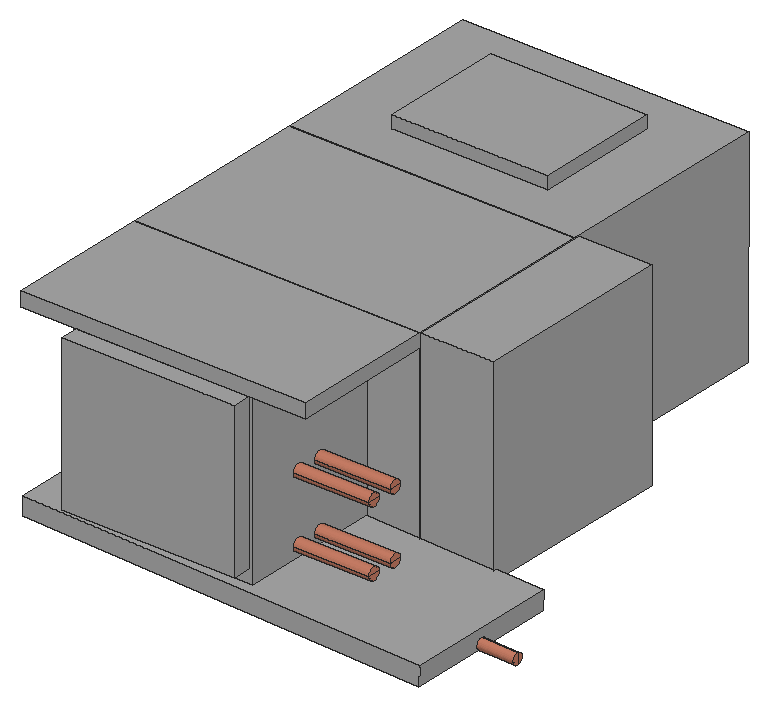
Revit family
Parameters (values of type "FNP 6 - 115V - 4 Pipe - 3 Rows Cooling - 1 Row Heating")
  Width = if(1 = 1, (Supply Air Connection Width + 1' 8"), 1' 0")  # 2' - 10"
  Water Supply Connection Diameter = 1"
  Water Supply Connection Description [instance] = if(or([4 Pipe], [2 Pipe Heating]), "Hot Water Supply", "Chilled Water Supply")  # "Hot Water Supply"
  Water Return Connection Diameter = 1"
  Water Return Connection Description [instance] = if(or([4 Pipe], [2 Pipe Heating]), "Hot Water Return", "Chilled Water Return")  # "Hot Water Return"
  Voltage = 120 V
  Unit Weight = if(Supply Air Connection Width > 3' 10", 246.00 lbf, if(Supply Air Connection Width > 3' 6", 229.00 lbf, if(Supply Air Connection Width > 3' 2", 217.00 lbf, if(Supply Air Connection Width > 2' 8", 204.00 lbf, if(Supply Air Connection Width > 2' 3", 144.00 lbf, if(Supply Air Connection Width > 1' 6", 132.00 lbf, 119.00 lbf))))))  # 119.00 lbf
  Unit Size = 6
  URL = "http://www.johnsoncontrols.com/publish/us/en.html"
  Type Comments = ""
  Total Cooling Capacity = 0.0 Btu/h
  Total Coil Row Count = Heating Coil Row Count + Cooling Coil Row Count  # 0
  Top Supply Pipe Offset From Bottom [instance] = 0' - 8 3/8"
  Top Return Pipe Offset From Bottom [instance] = 0' - 8 3/8"
  Supply Fan Quantity = if(Coil Face Area > 2.50 SF, 2, 1)  # 1
  Supply Air Connection Width = if(Unit Size > 19, 3' 11", if(Unit Size > 17, 3' 7", if(Unit Size > 15, 3' 2", if(Unit Size > 13, 2' 9", if(Unit Size > 11, 2' 4", if(Unit Size > 9, 1' 11", if(Unit Size > 7, 1' 7", 1' 2")))))))  # 14"
  Supply Air Connection Height = 1' 0 1/2"  # 12 1/2"
  Sensible Heating Capacity = 0.0 Btu/h
  Sensible Cooling Capacity = 0.0 Btu/h
  Secondary Condensate Drain Connection Description [instance] = if(Condensate Pipe Secondary, "Secondary Condensate Drain Connection", "Disabled")  # "Disabled"
  Return Connection Top [instance] = not(Return Connection Bottom)  # yes
  Return Connection Bottom [instance] = no
  Return Air Flow Rear [instance] = 0 CFM
  Return Air Flow Bottom_Top [instance] = 0 CFM
  Return Air Connection Width = if(Unit Size > 19, 3' 4 5/8", if(Unit Size > 17, 3' 0 5/8", if(Unit Size > 15, 2' 8 5/8", if(Unit Size > 13, 2' 4 5/8", if(Unit Size > 11, 2' 0 5/8", if(Unit Size > 9, 1' 8 5/8", if(Unit Size > 7, 1' 4 5/8", 1' 0 5/8")))))))  # 12 5/8"
  Return Air Connection Height = 0' 10"  # 10"
  Product Page URL = "http://www.johnsoncontrols.com/publish/us/en/products/building_efficiency/integrated_hvac_systems/Industrial___Commercial_HVAC_Equipment/airside_products/fan-coil/horizontal-high-performance.html"
  Product Documentation Link = "http://www.johnsoncontrols.com/publish/etc/medialib/jci/be/integrated_hvac_systems/hvac_equipment/airside/fan-coil-units/horizontal-high-performance.Par.62567.File.dat/115-26-EG3909-Horizontal-High-Performance.pdf"
  Primary Condensate Drain Connection Description = "Primary Condensate Drain Connection"  # constant formula
  Pressure Drop = 0.00 in-wg
  Power Factor = 1
  Overall Width = if(1 = 1, Supply Air Connection Width + 1' 8", 1' 0")  # 2' - 10"
  OmniClass Title = "Fan Coil Units"  # constant formula
  OmniClass Number = "23.75.70.17.27"  # constant formula
  Number of Poles = 1
  Nominal HP [instance] = 0 kW
  Net Weight = Unit Weight + Coil Rows Weight  # 140.00 lbf
  Mounting Hole Distance = if(1 = 1, Supply Air Connection Width + 0' 6", 1' 0")  # 1' - 8"
  Motor PSC Type [instance] = not(Motor ECM Type)  # yes
  Motor PSC Current = 0 A
  Motor ECM Type [instance] = no
  Motor ECM Current = 0 A
  Model = "FNP"
  Manufacturer = "Johnson Controls, Inc."  # constant formula
  Length = 3' - 11 3/8"  # constant formula
  Keynote = "15700"
  Hot Water Connection Diameter = 0"
  Height = 1' - 4 3/4"
  Heating Nominal Input Power [instance] = 0 kW
  Filter Quantity = if(Coil Face Area > 2.50 SF, 2, 1)  # 1
  Family Revision Date = "06/01/10"  # constant formula
  Design Heating Water Flow = 0 GPM
  Design Chilled Water Flow = 0 GPM
  Chilled Water Supply Connection Description [instance] = if([4 Pipe], "Chilled Water Supply", "Disabled")  # "Chilled Water Supply"
  Chilled Water Return Connection Description [instance] = if([4 Pipe], "Chilled Water Return", "Disabled")  # "Chilled Water Return"
  Heating Leaving Water Temperature = 140 °F
  Heating Entering Water Temperature = 180 °F
  Heating Entering Dry Bulb Temperature = 70 °F
  Heating Coil Water Pressure Drop = 0 Pa
  Heating Coil Row Count = 0
  Full Load Current [instance] = Electric Heat Current + if(Motor ECM Type, Motor ECM Current, Motor PSC Current)  # 0 A
  Frequency = 0 Hz
  Frame Material = Metal - JCI - Steel - Galvanized
  Filter Throwaway [instance] = yes
  Filter Pleated 2 in [instance] = no
  Filter Pleated 1 in [instance] = no
  Filter Size = if(Unit Size > 19, "16x25", if(Unit Size > 15, "16x20", if(Unit Size > 11, "16x16", if(Unit Size > 9, "16x25", if(Unit Size > 7, "16x20", "16x16")))))  # "16x16"
  Fan Width = if(Supply Air Connection Width > 2' 8", 0' 8 1/4", if(Supply Air Connection Width > 2' 3", 0' 6 7/8", if(Supply Air Connection Width > 1' 6", 0' 8 1/4", 0' 6 7/8")))  # 0' - 6 7/8"
  Fan Motor Horsepower [instance] = 0.1666
  External Static Pressure = 0.00 in-wg
  Electrical Connector Description = "Single Point Power Connection"
  Electric Heat Wattage = 0 W
  Electric Heat Current = 0 A
  Electric Heat Capacity = 0.0 Btu/h
  Electric Heat = no
  Duct Connector Description 3 [instance] = if(Return Connection Bottom, "Bottom Return Air Connection", "Top Return Air Connection")  # "Top Return Air Connection"
  Duct Connector Description 2 [instance] = "Rear Outside Air Return Connection"  # constant formula
  Duct Connector Description [instance] = "Supply Air Connection"  # constant formula
  Drain Pan Width = Overall Width - 0' 1 7/8"  # 2' - 8 1/8"
  Cooling Leaving Water Temperature = 55 °F
  Cooling Entering Wet Bulb Temperature = 67 °F
  Cooling Entering Water Temperature = 45 °F
  Cooling Entering Dry Bulb Temperature = 80 °F
  Cooling Coil Water Pressure Drop = 3447.5 Pa
  Cooling Coil Row Count = 0
  Control Enclosure Width = 1' - 4"
  Control Enclosure Height = 1' - 4"  # constant formula
  Control Enclosure Depth = 0' - 6"  # constant formula
  Condensate Drain Pan Material = Metal - JCI - Steel - Galvanized
  Condensate Drain Connection Diameter Auxiliary = 0"
  Coil Rows Weight = 21.00 lbf
  Coil Pipe Material = Metal - JCI - Copper - Type-L - Polished
  Coil Nominal Connection Size = 0' - 0 5/8"
  Coil Face Area = if(Supply Air Connection Width > 3' 10", 5.00 SF, if(Supply Air Connection Width > 3' 6", 4.58 SF, if(Supply Air Connection Width > 3' 1", 4.06 SF, if(Supply Air Connection Width > 2' 8", 3.54 SF, if(Supply Air Connection Width > 2' 3", 3.02 SF, if(Supply Air Connection Width > 1' 10", 2.50 SF, if(Supply Air Connection Width > 1' 6", 2.08 SF, 1.56 SF)))))))  # 1.56 SF
  Chilled Water Connection Diameter = 0"
  Capacity Above Sea Level = 1.085 - ((Altitude / 1000' 0") * 0.034)  # 1.085
  Two Fan Motors = Supply Air Connection Width > 2' 3"  # no
  Drain Pan Overhang Left [instance] = Coil Connection Left  # yes
  Description = ""
  Copyright © = "© 2009, Johnson Controls, Inc."  # constant formula
  Control Enclosure Left [instance] = yes
  Control Enclosure Right [instance] = not(Control Enclosure Left)  # no
  Condensate Pipe Secondary [instance] = no
  Condensate Drain Connection Diameter 2 = 5/8"
  Condensate Drain Connection Diameter = 7/8"
  Condensate Connection Radius 2 = if(Condensate Drain Connection Diameter 2 < 0' 0 1/8", 0' 0 1/16", Condensate Drain Connection Diameter 2 / 2)  # 0' - 0 5/16"
  Condensate Connection Radius = if(Condensate Drain Connection Diameter < 0' 0 1/8", 0' 0 1/16", Condensate Drain Connection Diameter / 2)  # 0' - 0 7/16"
  Coil Connection Left [instance] = yes
  Coil Connection Right [instance] = not(Coil Connection Left)  # no
  Coil Casing Width = if(1 = 1, Supply Air Connection Width + 0' 9 1/8", 1' 0")  # 1' - 11 1/8"
  Coil Casing Depth = 0' - 11 5/8"  # constant formula
  CTRL Unit Offset From Bottom [instance] = 0' - 2 7/8"
  CTRL Supply Offset Front = 0' - 2 11/64"
  CTRL Return Connetion Angle [instance] = if(Return Connection Top, 270.00°, 90.00°)  # 270.00°
  CTRL Return Connection Offset [instance] = (Height / 2) - 0' 1 7/8"  # 0' - 6 1/2"
  CTRL Pipes Offset Position [instance] = if(Coil Connection Left, Supply Air Connection Width + 0' 0 1/2", 0' 0")  # 1' - 2 1/2"
  CTRL Pipes Offset Length = ((Coil Casing Width - Supply Air Connection Width) / 2) + 0' 1 7/8" - 0' 0 1/4"  # 0' - 6 3/16"
  CTRL Pipe Supply Radius = if(Water Supply Connection Diameter < 0' 0 1/4", 0' 0 1/8", if(Water Supply Connection Diameter > 0' 4", 0' 2", Water Supply Connection Diameter / 2))  # 0' - 0 1/2"
  CTRL Top Supply Offset From Bottom [instance] = if(Top Supply Pipe Offset From Bottom > Height, Height - 0' 1", if(Top Supply Pipe Offset From Bottom < 0' 2", 0' 2", Top Supply Pipe Offset From Bottom))  # 0' - 8 3/8"
  CTRL Pipe Return Radius = if(Water Return Connection Diameter < 0' 0 1/4", 0' 0 1/8", if(Water Return Connection Diameter > 0' 4", 0' 2", Water Return Connection Diameter / 2))  # 0' - 0 1/2"
  CTRL Top Return Offset From Bottom [instance] = if(Top Return Pipe Offset From Bottom > Height, Height - 0' 1", if(Top Return Pipe Offset From Bottom < 0' 2", 0' 2", Top Return Pipe Offset From Bottom))  # 0' - 8 3/8"
  CTRL Pipe Return Angle [instance] = if(Coil Connection Left, 0.00°, 180.00°)  # 0.00°
  CTRL Filter Height [instance] = if(1 = 1, Return Air Connection Height + 0' 2 1/4", 0' 0")  # 1' - 0 1/4"
  CTRL Fan Two Offset = if(Supply Air Connection Width > 2' 3", Supply Air Connection Width / 4, Supply Air Connection Width / 2)  # 0' - 7"
  CTRL Fan One Offset = if(Supply Air Connection Width > 2' 3", Supply Air Connection Width / 4, Supply Air Connection Width / 2)  # 0' - 7"
  CTRL Enclosure Width = if(Control Enclosure Width < 0' 10", 0' 10", if(Control Enclosure Width > 1' 4", 1' 4", Control Enclosure Width))  # 1' - 4"
  CTRL Enclosure Offset Right [instance] = if(Control Enclosure Left, (Coil Casing Width / 2) + 0' 6", 0' 0")  # 1' - 5 9/16"
  CTRL Enclosure Offset Left [instance] = if(Control Enclosure Left, 0' 6", (Coil Casing Width / 2) + 0' 6")  # 0' - 6"
  CTRL Enclosure Depth 2 [instance] = if(Control Enclosure Left, 0' 0", 0' 6")  # 0' - 0"
  CTRL Enclosure Depth 1 [instance] = if(Control Enclosure Left, 0' 6", 0' 0")  # 0' - 6"
  CTRL Drain Pan Position = (Coil Casing Width / 2)  # 0' - 11 9/16"
  CTRL Drain Pan Angle [instance] = if(Drain Pan Overhang Left, 0.00°, 180.00°)  # 0.00°
  CTRL Bottom Return Offset From Bottom [instance] = if(CTRL Bottom Return Pipe Offset From Bottom > Height, Height - 0' 1", if(CTRL Bottom Return Pipe Offset From Bottom < 0' 2", 0' 2", CTRL Bottom Return Pipe Offset From Bottom))  # 0' - 3"
  CTRL Bottom Pipes Length [instance] = 0' - 6 3/16"  # constant formula
  CTRL Bottom Pipes Angle [instance] = if(Coil Connection Left, 0.00°, 180.00°)  # 0.00°
  CTRL Bottom Supply Offset From Bottom [instance] = if(CTRL Bottom Supply Pipe Offset From Bottom > Height, Height - 0' 1", if(CTRL Bottom Supply Pipe Offset From Bottom < 0' 2", 0' 2", CTRL Bottom Supply Pipe Offset From Bottom))  # 0' - 3"
  CTRL Bottom Supply Pipe Offset From Bottom [instance] = if([4 Pipe], 0' 3", Top Supply Pipe Offset From Bottom)  # 0' - 3"
  CTRL Bottom Return Pipe Offset From Bottom [instance] = if([4 Pipe], 0' 3", Top Return Pipe Offset From Bottom)  # 0' - 3"
  Auxiliary Drip Pan [instance] = no
  Assembly Code = "D3050100"
  Apparent Load [instance] = Full Load Current * Voltage  # 0 VA
  Altitude = 0' - 0"
  Design Supply Air Flow = if(Unit Size > 17, 2000 CFM, if(Unit Size > 15, 1900 CFM, if(Unit Size > 13, 1800 CFM, if(Unit Size > 11, 1500 CFM, if(Unit Size > 9, 1000 CFM, if(Unit Size > 7, 900 CFM, 700 CFM))))))  # 700 CFM
  Actual Supply Air Flow [instance] = 0 CFM
  Actual Return Air Flow [instance] = Return Air Flow Rear - Actual Outdoor Air Flow  # 0 CFM
  Actual Outdoor Air Flow [instance] = 0 CFM
  Actual Heating Water Flow [instance] = 0 GPM
  Actual Condensate Drain Flow [instance] = 0 GPM
  Actual Chilled Water Flow [instance] = 0 GPM
  4 Pipe = yes
  2 Pipe Heating = no
  2 Pipe Cooling = not(or([4 Pipe], [2 Pipe Heating]))  # no
Reference planes (in)
  plane 1 "Center (Front/Back)": y = 0
  plane 2 "Bottom": z = 2.875
  plane 3 "Center (Left/Right)": x = 0
  plane 4 "Left": x = -11.5625
  plane 5 "Right": x = 11.5625
  plane 6 "Front": y = -11.625
  plane 7 "Top": z = 19.625
  plane 8 "Duct Width Left": x = -7
  plane 9 "Duct Width Right": x = 7
  plane 10 "Duct Height Top": z = 18.5
  plane 11 "Duct Height Bottom": z = 6
  plane 12 "Duct Connector Front": y = -13.125
  plane 13 "Duct Width Offset Right": x = 7.25
  plane 14 "Duct Width Offset Left": x = -7.25
  plane 15 "Back": y = 34.25
  plane 16 "Coil Casing Bottom": z = 4.875
  plane 17 "Drain Pan Position (Left/Right)": x = 0
  plane 18 "Drain Pan Position (Front/Back)": y = -6.1875
  plane 19 "Duct Connection (Top/Bottom)": z = 12.25
  plane 20 "Ctrl Enclosure (L/R) 2": x = 11.5625
  plane 21 "Ctrl Enclosure Back": y = 16
  plane 22 "Ctrl Enclosure (L/R) 1": x = 17.5625
  plane 23 "Ctrl Enclosure Height Bottom": z = 3.625
  plane 24 "Return Header": y = -4.875
  plane 25 "Supply Header": y = -7.04688
  plane 26 "Headers Center CTRL (L/R)": x = 7.25
  plane 27 "Return Height Placement": z = 11.25
  plane 28 "Supply Height Placement": z = 11.25
  plane 29 "Fan 1 Center (L/R)": x = 0
  plane 30 "Fan 2 Center (L/R)": x = 0
  plane 31 "Plenum Depth": y = 31.375
  plane 32 "Filter Depth": y = 33.25
  plane 33 "Return Connector Height Top": z = 16.125
  plane 34 "Return Connection Height Bottom": z = 6.125
  plane 35 "Filter Top": z = 19.25
  plane 36 "Filter Bottom": z = 3.25
  plane 37 "Return Connection Width Left": x = -6.3125
  plane 38 "Return Connection Width Right": x = 6.3125
  plane 39 "Return Connection (F/B) Position": y = 24.5
  plane 40 "Plenum Box Center (F/B)": y = 15.6875
  plane 41 "Center Elevation (T/B)": z = 11.25
  plane 42 "Return Bottom Masking Region": z = 0
  plane 43 "Filter Bottom Return": z = 1
  plane 44 "Return Height Center": z = 11.125
  plane 45 "Bottom Supply Pipes": z = 5.875
  plane 46 "Bottom Return Pipes": z = 5.875
Forms (in)
  Extrusion 1, solid, material "Metal - JCI - Steel - Galvanized" <- "Frame Material", detail levels fine
    sketch origin (0, 0, 0) x (1, 0, 0) y (0, 1, 0)
      loop
        line (11.5625, -11.625) -> (11.5625, 0) -> (-11.5625, 0) -> (-11.5625, -11.625) -> (11.5625, -11.625)
    from 18.5 to 19.625
  Extrusion 2, solid, material "Metal - JCI - Steel - Galvanized" <- "Frame Material", detail levels fine
    sketch origin (0, 0, 0) x (1, 0, 0) y (0, 1, 0)
      loop
        line (7.25, -11.625) -> (7.25, 0) -> (-7.25, 0) -> (-7.25, -11.625) -> (7.25, -11.625)
    from 4.875 to 18.5
  Extrusion 3, solid, material "Metal - JCI - Steel - Galvanized" <- "Frame Material", detail levels medium+fine
    sketch origin (0, 0, 0) x (1, 0, 0) y (0, 0, 1)
      loop
        line (7, 6) -> (7, 18.5) -> (-7, 18.5) -> (-7, 6) -> (7, 6)
    from 11.625 to 13.125
  Blend 4, solid, material "Metal - JCI - Steel - Galvanized" <- "Frame Material", detail levels medium+fine
    base sketch origin (11.5625, 0, 3.375) x (0, -1, 0) y (0, 0, 1)
      loop
        line (-16, 0.25) -> (0, 0.25) -> (0, 16.25) -> (-16, 16.25) -> (-16, 0.25)
    top sketch origin (11.5625, 0, 3.375) x (0, -1, 0) y (0, 0, 1)
      loop
        line (-16, 0.25) -> (0, 0.25) -> (0, 16.25) -> (-16, 16.25) -> (-16, 0.25)
    from -6 to 0
  Revolve 5, solid, material "Metal - JCI - Copper - Type-L - Polished" <- "Coil Pipe Material", detail levels fine
    sketch origin (0, 0, 11.25) x (-1, 0, 0) y (0, -1, 0)
      loop
        line (-13.4375, 4.875) -> (-13.4375, 4.375) -> (-7.25, 4.375) -> (-7.25, 4.875) -> (-13.4375, 4.875)
      axis (-7.25, 4.875) -> (-13.4375, 4.875)
    angle from 0 to 360
  Revolve 6, solid, material "Metal - JCI - Copper - Type-L - Polished" <- "Coil Pipe Material", detail levels fine
    sketch origin (0, 0, 11.25) x (-1, 0, 0) y (0, -1, 0)
      loop
        line (-13.4375, 7.04688) -> (-13.4375, 6.54688) -> (-7.25, 6.54688) -> (-7.25, 7.04688) -> (-13.4375, 7.04688)
      axis (-7.25, 7.04688) -> (-13.4375, 7.04688)
    angle from 0 to 360
  Extrusion 7, solid, material "Metal - JCI - Steel - Galvanized" <- "Frame Material", detail levels medium+fine
    sketch origin (0, 0, 11.25) x (-1, 0, 0) y (0, -1, 0)
      loop
        line (-11.5625, 0) -> (-11.5625, -15.6875) -> (11.5625, -15.6875) -> (11.5625, 0) -> (-11.5625, 0)
    from -8.375 to 8.375
  Extrusion 8, solid, material "Metal - JCI - Steel - Galvanized" <- "Frame Material", detail levels medium
    sketch origin (0, 0, 11.25) x (-1, 0, 0) y (0, -1, 0)
      loop
        line (-11.5625, 11.625) -> (-11.5625, 0) -> (11.5625, 0) -> (11.5625, 11.625) -> (-11.5625, 11.625)
    from -8.375 to 8.375
  Extrusion 9, solid, material "Metal - JCI - Steel - Galvanized" <- "Frame Material", detail levels medium+fine
    sketch origin (-11.5625, 0, 0) x (0, -1, 0) y (0, 0, 1)
      loop
        line (-19.5, 19.625) -> (-19.5, 20.625) -> (-29.5, 20.625) -> (-29.5, 19.625) -> (-19.5, 19.625)
    from -17.875 to -5.25
  Extrusion 10, solid, material "Metal - JCI - Steel - Galvanized" <- "Frame Material", detail levels medium+fine
    sketch origin (0, 0, 11.25) x (-1, 0, 0) y (0, -1, 0)
      loop
        line (-11.5625, -15.6875) -> (-11.5625, -33.25) -> (11.5625, -33.25) -> (11.5625, -15.6875) -> (-11.5625, -15.6875)
    from -8.375 to 8.375
  Extrusion 11, solid, material "Metal - JCI - Steel - Galvanized" <- "Frame Material", detail levels medium+fine
    sketch origin (0, 0, 0) x (1, 0, 0) y (0, 0, 1)
      loop
        line (6.3125, 6.125) -> (6.3125, 16.125) -> (-6.3125, 16.125) -> (-6.3125, 6.125) -> (6.3125, 6.125)
    from -34.25 to -33.25
  Revolve 12, solid, material "Metal - JCI - Copper - Type-L - Polished" <- "Coil Pipe Material", detail levels fine
    sketch origin (0, 0, 5.875) x (-1, 0, 0) y (0, -1, 0)
      loop
        line (-13.4375, 7.04688) -> (-13.4375, 6.54688) -> (-7.25, 6.54688) -> (-7.25, 7.04688) -> (-13.4375, 7.04688)
      axis (-7.25, 7.04688) -> (-13.4375, 7.04688)
    angle from 0 to 360
  Revolve 13, solid, material "Metal - JCI - Copper - Type-L - Polished" <- "Coil Pipe Material", detail levels fine
    sketch origin (0, 0, 5.875) x (-1, 0, 0) y (0, -1, 0)
      loop
        line (-13.4375, 4.875) -> (-13.4375, 4.375) -> (-7.25, 4.375) -> (-7.25, 4.875) -> (-13.4375, 4.875)
      axis (-7.25, 4.875) -> (-13.4375, 4.875)
    angle from 0 to 360
Lines and regions (in)
  Masking region 1
    outline origin (0, 0, 19.625) x (-1, 0, 0) y (0, -1, 0)
      loop
        line (-11.5625, 11.625) -> (-11.5625, 0) -> (11.5625, 0) -> (11.5625, 11.625) -> (-11.5625, 11.625)
  Masking region 2, detail levels medium+fine
    outline origin (0, 0, 18.5) x (-1, 0, 0) y (0, -1, 0)
      loop
        line (-7, 13.125) -> (-7, 11.625) -> (7, 11.625) -> (7, 13.125) -> (-7, 13.125)
  Masking region 3
    outline origin (0, 0, 2.875) x (1, 0, 0) y (0, 1, 0)
      loop
        line (17.5625, 0) -> (17.5625, 16) -> (11.5625, 16) -> (11.5625, 0) -> (17.5625, 0)
  Masking region 4, visible <- "Coil Connection Right", detail levels fine
    outline origin (0, 0, 2.875) x (1, 0, 0) y (0, 1, 0)
      loop
        line (-13.4375, -4.375) -> (-13.4375, -5.375) -> (-11.5625, -5.375) -> (-11.5625, -4.375) -> (-13.4375, -4.375)
  Masking region 5, visible <- "Coil Connection Left", detail levels fine
    outline origin (0, 0, 2.875) x (1, 0, 0) y (0, 1, 0)
      loop
        line (13.4375, -5.375) -> (13.4375, -4.375) -> (11.5625, -4.375) -> (11.5625, -5.375) -> (13.4375, -5.375)
  Masking region 6, visible <- "Coil Connection Left", detail levels fine
    outline origin (0, 0, 2.875) x (1, 0, 0) y (0, 1, 0)
      loop
        line (13.4375, -7.54688) -> (13.4375, -6.54688) -> (11.5625, -6.54688) -> (11.5625, -7.54688) -> (13.4375, -7.54688)
  Masking region 7, visible <- "Coil Connection Right", detail levels fine
    outline origin (0, 0, 2.875) x (1, 0, 0) y (0, 1, 0)
      loop
        line (-11.5625, -7.54688) -> (-11.5625, -6.54688) -> (-13.4375, -6.54688) -> (-13.4375, -7.54688) -> (-11.5625, -7.54688)
  Masking region 8, visible <- "Control Enclosure Right"
    outline origin (11.5625, 0, 0) x (0, -1, 0) y (0, 0, 1)
      loop
        line (-16, 3.625) -> (0, 3.625) -> (0, 19.625) -> (-16, 19.625) -> (-16, 3.625)
  Masking region 9, visible <- "Control Enclosure Left", detail levels medium+fine
    outline origin (17.5625, 0, 0) x (0, -1, 0) y (0, 0, 1)
      loop
        line (-16, 3.625) -> (0, 3.625) -> (0, 19.625) -> (-16, 19.625) -> (-16, 3.625)
  Masking region 10
    outline origin (7.25, 0, 0) x (0, -1, 0) y (0, 0, -1)
      loop
        line (0, -4.875) -> (0, -19.625) -> (11.625, -19.625) -> (11.625, -4.875) -> (0, -4.875)
  Masking region 11, detail levels medium+fine
    outline origin (11.5625, 0, 0) x (0, -1, 0) y (0, 0, 1)
      loop
        line (11.625, 6) -> (13.125, 6) -> (13.125, 18.5) -> (11.625, 18.5) -> (11.625, 6)
  Masking region 12
    outline origin (0, 0, 11.25) x (-1, 0, 0) y (0, -1, 0)
      loop
        line (-11.5625, 0) -> (-11.5625, -33.25) -> (11.5625, -33.25) -> (11.5625, 0) -> (-11.5625, 0)
  Masking region 13, detail levels medium+fine
    outline origin (0, 0, 11.25) x (-1, 0, 0) y (0, -1, 0)
      loop
        line (-6.3125, -33.25) -> (-6.3125, -34.25) -> (6.3125, -34.25) -> (6.3125, -33.25) -> (-6.3125, -33.25)
  Masking region 14
    outline origin (0, 0, 0) x (0, 1, 0) y (0, 0, 1)
      loop
        line (33.25, 2.875) -> (33.25, 19.625) -> (0, 19.625) -> (0, 2.875) -> (33.25, 2.875)
  Masking region 15
    outline origin (0, 0, 0) x (1, 0, 0) y (0, 0, 1)
      loop
        line (11.5625, 3.625) -> (17.5625, 3.625) -> (17.5625, 19.625) -> (11.5625, 19.625) -> (11.5625, 3.625)
  Masking region 16
    outline origin (0, 0, 0) x (1, 0, 0) y (0, 0, 1)
      loop
        line (11.5625, 2.875) -> (11.5625, 19.625) -> (-11.5625, 19.625) -> (-11.5625, 2.875) -> (11.5625, 2.875)
  Masking region 17
    outline origin (0, -13.125, 0) x (-1, 0, 0) y (0, 0, 1)
      loop
        line (-7, 6) -> (7, 6) -> (7, 18.5) -> (-7, 18.5) -> (-7, 6)
  Masking region 18, detail levels medium+fine
    outline origin (0, -11.625, 0) x (-1, 0, 0) y (0, 0, 1)
      loop
        line (-11.5625, 18.5) -> (11.5625, 18.5) -> (11.5625, 19.625) -> (-11.5625, 19.625) -> (-11.5625, 18.5)
  Masking region 19
    outline origin (0, 34.25, 0) x (-1, 0, 0) y (0, 0, 1)
      loop
        line (-11.5625, 2.875) -> (11.5625, 2.875) -> (11.5625, 19.625) -> (-11.5625, 19.625) -> (-11.5625, 2.875)
  Masking region 20
    outline origin (0, 16, 0) x (-1, 0, 0) y (0, 0, 1)
      loop
        line (-11.5625, 3.625) -> (-11.5625, 19.625) -> (-17.5625, 19.625) -> (-17.5625, 3.625) -> (-11.5625, 3.625)
  Masking region 21, detail levels medium+fine
    outline origin (-11.5625, 0, 0) x (0, -1, 0) y (0, 0, 1)
      loop
        line (-34.25, 16.125) -> (-34.25, 6.125) -> (-33.25, 6.125) -> (-33.25, 16.125) -> (-34.25, 16.125)
  Masking region 22, detail levels medium+fine
    outline origin (-11.5625, 0, 0) x (0, -1, 0) y (0, 0, 1)
      loop
        line (-29.5, 19.625) -> (-19.5, 19.625) -> (-19.5, 20.625) -> (-29.5, 20.625) -> (-29.5, 19.625)
  Masking region 23, visible <- "Return Connection Bottom", detail levels medium+fine
    outline origin (0, -11.625, 0) x (-1, 0, 0) y (0, 0, 1)
      loop
        line (-6.3125, 0) -> (6.3125, 0) -> (6.3125, 2.875) -> (-6.3125, 2.875) -> (-6.3125, 0)
  Masking region 24, visible <- "Return Connection Bottom", detail levels coarse
    outline origin (0, -11.625, 0) x (-1, 0, 0) y (0, 0, 1)
      loop
        line (-6.3125, 1) -> (6.3125, 1) -> (6.3125, 2.875) -> (-6.3125, 2.875) -> (-6.3125, 1)
  reference lines
    curve 1: line (0, -6.1875, 0) -> (11.5625, -6.1875, 0)
    curve 2: line (11.5625, -5.8125, 0) -> (11.5625, -6.5625, 0)
    curve 39: line (17.5625, -1.47806, 2.875) -> (17.5625, 35.39694, 2.875)
    curve 40: line (11.5625, -1.47806, 2.875) -> (11.5625, 35.39694, 2.875)
    curve 41: line (11.15623, -4.375, 2.875) -> (7.53123, -4.375, 2.875)
    curve 42: line (11.15623, -5.375, 2.875) -> (7.53123, -5.375, 2.875)
    curve 43: line (-13.4375, -16.00927, 2.875) -> (-13.4375, 40.86573, 2.875)
    curve 44: line (13.4375, -16.00927, 2.875) -> (13.4375, 3.86573, 2.875)
    curve 45: line (11.15623, -6.54688, 2.875) -> (7.09373, -6.54688, 2.875)
    curve 46: line (11.15623, -7.54688, 2.875) -> (7.09373, -7.54688, 2.875)
    curve 57: line (0, 24.5, 11.25) -> (0, 24.5, 17.75)
    curve 58: line (0, 18.375, 17.75) -> (0, 30.625, 17.75)
    curve 59: line (0, 30.625, 19.625) -> (0, 18.375, 19.625)
    curve 60: line (0, 29.5, 20.625) -> (0, 19.5, 20.625)
  symbolic lines, style "Fan Coil Unit", detail levels coarse
    curve 3: line (0, -13.125, 18.5) -> (0, -11.625, 18.5)
    curve 73: line (0, 33.25, 11.25) -> (0, 34.25, 11.25)
    curve 92: line (11.5625, 33.25, 11.125) -> (11.5625, 34.25, 11.125)
  model lines, style "Fan Coil Unit", detail levels coarse
    curve 4: line (11.5625, -11.625, 19.625) -> (-11.5625, -11.625, 19.625)
    curve 5: line (11.5625, 0, 19.625) -> (11.5625, -11.625, 19.625)
    curve 6: line (-11.5625, 0, 19.625) -> (11.5625, 0, 19.625)
    curve 7: line (-11.5625, -11.625, 19.625) -> (-11.5625, 0, 19.625)
    curve 8: line (11.5625, -11.625, 18.5) -> (-11.5625, -11.625, 18.5)
    curve 9: line (11.5625, 0, 18.5) -> (11.5625, -11.625, 18.5)
    curve 10: line (-11.5625, 0, 18.5) -> (11.5625, 0, 18.5)
    curve 11: line (-11.5625, -11.625, 18.5) -> (-11.5625, 0, 18.5)
    curve 12: line (7.25, -11.625, 4.875) -> (-7.25, -11.625, 4.875)
    curve 13: line (7.25, 0, 4.875) -> (7.25, -11.625, 4.875)
    curve 14: line (-7.25, 0, 4.875) -> (7.25, 0, 4.875)
    curve 15: line (-7.25, -11.625, 4.875) -> (-7.25, 0, 4.875)
    curve 16: line (-7, -11.625, 6) -> (7, -11.625, 6)
    curve 17: line (-11.5625, 0, 18.5) -> (-11.5625, 0, 19.625)
    curve 18: line (11.5625, 0, 18.5) -> (11.5625, 0, 19.625)
    curve 19: line (-7.25, 0, 4.875) -> (-7.25, 0, 18.5)
    curve 20: line (7.25, 0, 4.875) -> (7.25, 0, 18.5)
    curve 21: line (-11.5625, -11.625, 18.5) -> (-11.5625, -11.625, 19.625)
    curve 22: line (11.5625, -11.625, 18.5) -> (11.5625, -11.625, 19.625)
    curve 23: line (-7, -11.625, 6) -> (-7, -11.625, 18.5)
    curve 24: line (7, -11.625, 6) -> (7, -11.625, 18.5)
    curve 25: line (7.25, -11.625, 4.875) -> (7.25, -11.625, 18.5)
    curve 26: line (-7.25, -11.625, 4.875) -> (-7.25, -11.625, 18.5)
    curve 27: line (0, -11.625, 12.25) -> (0, -13.125, 12.25)
    curve 28: line (17.5625, 0, 19.625) -> (17.5625, 16, 19.625)
    curve 29: line (17.5625, 0, 3.625) -> (17.5625, 0, 19.625)
    curve 30: line (17.5625, 16, 3.625) -> (17.5625, 0, 3.625)
    curve 31: line (17.5625, 16, 19.625) -> (17.5625, 16, 3.625)
    curve 32: line (17.5625, 16, 19.625) -> (11.5625, 16, 19.625)
    curve 33: line (11.5625, 16, 19.625) -> (11.5625, 0, 19.625)
    curve 34: line (11.5625, 0, 19.625) -> (17.5625, 0, 19.625)
    curve 35: line (11.5625, 0, 3.625) -> (17.5625, 0, 3.625)
    curve 36: line (11.5625, 15.6875, 19.625) -> (11.5625, 15.6875, 3.625)
    curve 37: line (11.5625, 15.6875, 3.625) -> (11.5625, 0, 3.625)
    curve 38: line (17.5625, 16, 3.625) -> (11.5625, 16, 3.625)
    curve 61: line (11.5625, 0, 19.625) -> (11.5625, 0, 2.875)
    curve 62: line (11.5625, 15.6875, 19.625) -> (11.5625, 0, 19.625)
    curve 63: line (11.5625, 15.6875, 2.875) -> (11.5625, 15.6875, 19.625)
    curve 64: line (11.5625, 0, 2.875) -> (11.5625, 15.6875, 2.875)
    curve 65: line (-11.5625, 0, 19.625) -> (11.5625, 0, 19.625)
    curve 66: line (11.5625, 15.6875, 19.625) -> (-11.5625, 15.6875, 19.625)
    curve 67: line (-11.5625, 15.6875, 19.625) -> (-11.5625, 0, 19.625)
    curve 68: line (-11.5625, 15.6875, 19.625) -> (-11.5625, 15.6875, 2.875)
    curve 69: line (-11.5625, 0, 2.875) -> (-11.5625, 0, 19.625)
    curve 70: line (-11.5625, 15.6875, 2.875) -> (-11.5625, 0, 2.875)
    curve 71: line (11.5625, 15.6875, 2.875) -> (-11.5625, 15.6875, 2.875)
    curve 72: line (-11.5625, 0, 2.875) -> (11.5625, 0, 2.875)
    curve 81: line (0, 24.5, 19.625) -> (0, 24.5, 20.625)
    curve 84: line (-11.5625, 33.25, 19.625) -> (-11.5625, 15.6875, 19.625)
    curve 85: line (11.5625, 33.25, 19.625) -> (-11.5625, 33.25, 19.625)
    curve 86: line (11.5625, 15.6875, 19.625) -> (11.5625, 33.25, 19.625)
    curve 87: line (11.5625, 33.25, 2.875) -> (11.5625, 33.25, 19.625)
    curve 88: line (11.5625, 15.6875, 2.875) -> (11.5625, 33.25, 2.875)
    curve 89: line (-11.5625, 33.25, 2.875) -> (-11.5625, 33.25, 19.625)
    curve 90: line (11.5625, 33.25, 2.875) -> (-11.5625, 33.25, 2.875)
    curve 91: line (-11.5625, 33.25, 2.875) -> (-11.5625, 15.6875, 2.875)
    curve 93: line (0, 33.25, 11.125) -> (0, 34.25, 11.125)
  model lines, style "Fan Coil Pipes", visible <- "Coil Connection Right", detail levels coarse+medium
    curve 47: line (-7.25, -4.875, 11.25) -> (-13.4375, -4.875, 11.25)
    curve 48: line (-7.25, -7.04688, 11.25) -> (-13.4375, -7.04688, 11.25)
  model lines, style "Fan Coil Pipes", visible <- "Coil Connection Left", detail levels coarse+medium
    curve 49: line (7.25, -4.875, 11.25) -> (13.4375, -4.875, 11.25)
    curve 50: line (7.25, -7.04688, 11.25) -> (13.4375, -7.04688, 11.25)
  symbolic lines, style "Fan Coil Pipes", visible <- "Coil Connection Right", detail levels coarse+medium
    curve 51: line (-11.5625, -4.875, 11.25) -> (-13.4375, -4.875, 11.25)
    curve 52: line (-13.4375, -7.04688, 11.25) -> (-11.5625, -7.04688, 11.25)
  symbolic lines, style "Fan Coil Pipes", visible <- "Coil Connection Left", detail levels coarse+medium
    curve 53: line (13.4375, -7.04688, 11.25) -> (11.5625, -7.04688, 11.25)
    curve 54: line (13.4375, -4.875, 11.25) -> (11.5625, -4.875, 11.25)
  symbolic lines, style "Fan Coil Pipes", detail levels coarse
    curve 55: line (0, -11.625, 12.25) -> (0, -13.125, 12.25)
  symbolic lines, style "Fan Coil Pipes", detail levels fine
    curve 56: line (0, -11.625, 18.5) -> (0, 0, 18.5)
  symbolic lines, style "Fan Coil Unit", visible <- "Coil Connection Left", detail levels fine
    curve 74: circle (17.5625, -7.04688, 11.25) r 0.5 normal (-1, 0, 0)
    curve 75: circle (17.5625, -4.875, 11.25) r 0.5 normal (-1, 0, 0)
  symbolic lines, style "Fan Coil Unit", visible <- "Coil Connection Right", detail levels fine
    curve 76: circle (11.5625, -7.04688, 11.25) r 0.5 normal (-1, 0, 0)
    curve 77: circle (11.5625, -4.875, 11.25) r 0.5 normal (-1, 0, 0)
  symbolic lines, style "Fan Coil Unit", detail levels fine
    curve 78: line (-7.25, -11.625, 18.5) -> (-7.25, -11.625, 4.875)
    curve 79: line (-7.25, -11.625, 4.875) -> (7.25, -11.625, 4.875)
    curve 80: line (7.25, -11.625, 4.875) -> (7.25, -11.625, 18.5)
    curve 82: line (0, 19.5, 19.625) -> (0, 29.5, 19.625)
  symbolic lines, style "Fan Coil Unit", visible <- "Return Connection Bottom", detail levels coarse
    curve 83: line (0, 0, 0) -> (0, 0, 1)
Dimensions and locks (in)
  "Height": plane 7 "Top" to plane 2 "Bottom"
  locked: plane 7 "Top" to plane 10 "Duct Height Top" at 1.125
  "Supply Air Connection Height": plane 10 "Duct Height Top" to plane 11 "Duct Height Bottom"
  equal spacing: plane 8 "Duct Width Left", plane 3 "Center (Left/Right)", plane 9 "Duct Width Right"
  "Supply Air Connection Width": plane 8 "Duct Width Left" to plane 9 "Duct Width Right"
  locked: plane 12 "Duct Connector Front" to plane 6 "Front" at 1.5
  locked: plane 14 "Duct Width Offset Left" to plane 8 "Duct Width Left" at 0.25
  locked: plane 13 "Duct Width Offset Right" to plane 9 "Duct Width Right" at 0.25
  "Coil Casing Depth": plane 6 "Front" to plane 1 "Center (Front/Back)"
  "Coil Casing Width": plane 4 "Left" to plane 5 "Right"
  equal spacing: plane 4 "Left", plane 3 "Center (Left/Right)", plane 5 "Right"
  locked: plane 11 "Duct Height Bottom" to plane 16 "Coil Casing Bottom" at 1.125
  equal spacing: curve 2, curve 1, curve 2, locked at 0.375 each
  "CTRL Drain Pan Position": curve 1 to curve 1
  plane 3 "Center (Left/Right)" to plane 17 "Drain Pan Position (Left/Right)" = 0' - 0"
  locked: plane 18 "Drain Pan Position (Front/Back)" to plane 1 "Center (Front/Back)" at 6.1875
  equal spacing: plane 10 "Duct Height Top", plane 19 "Duct Connection (Top/Bottom)", plane 11 "Duct Height Bottom"
  "CTRL Enclosure Width": plane 21 "Ctrl Enclosure Back" to plane 1 "Center (Front/Back)"
  "CTRL Enclosure Depth 1": plane 20 "Ctrl Enclosure (L/R) 2" to curve 39
  "CTRL Enclosure Depth 2": plane 20 "Ctrl Enclosure (L/R) 2" to curve 40
  "CTRL Enclosure Offset Left": plane 20 "Ctrl Enclosure (L/R) 2" to plane 22 "Ctrl Enclosure (L/R) 1"
  "CTRL Enclosure Offset Right": plane 3 "Center (Left/Right)" to plane 22 "Ctrl Enclosure (L/R) 1"
  "Control Enclosure Height": plane 7 "Top" to plane 23 "Ctrl Enclosure Height Bottom"
  "Length": plane 15 "Back" to plane 12 "Duct Connector Front"
  locked: plane 24 "Return Header" to plane 1 "Center (Front/Back)" at 4.875
  "CTRL Supply Offset Front": plane 24 "Return Header" to plane 25 "Supply Header"
  "CTRL Pipes Offset Length": Revolve 5 sketch curve to Revolve 5 sketch curve
  "CTRL Pipe Return Radius": Revolve 5 sketch curve to Revolve 5 sketch curve
  "CTRL Pipes Offset Position": plane 14 "Duct Width Offset Left" to plane 26 "Headers Center CTRL (L/R)"
  "CTRL Top Return Offset From Bottom": plane 27 "Return Height Placement" to plane 2 "Bottom"
  "CTRL Top Supply Offset From Bottom": plane 28 "Supply Height Placement" to plane 2 "Bottom"
  "CTRL Pipes Offset Length": Revolve 6 sketch curve to Revolve 6 sketch curve
  "CTRL Pipe Supply Radius": Revolve 6 sketch curve to Revolve 6 sketch curve
  equal spacing: curve 42, plane 24 "Return Header", curve 41
  "CTRL Pipe Return Radius": curve 41 to plane 24 "Return Header"
  locked: curve 43 to plane 4 "Left" at 1.875
  locked: plane 5 "Right" to curve 44 at 1.875
  equal spacing: curve 46, plane 25 "Supply Header", curve 45
  "CTRL Pipe Supply Radius": curve 46 to plane 25 "Supply Header"
  "CTRL Fan One Offset": plane 8 "Duct Width Left" to plane 29 "Fan 1 Center (L/R)"
  "CTRL Fan Two Offset": plane 30 "Fan 2 Center (L/R)" to plane 9 "Duct Width Right"
  locked: plane 15 "Back" to plane 32 "Filter Depth" at 1
  locked: plane 32 "Filter Depth" to plane 31 "Plenum Depth" at 1.875
  "Return Air Connection Height": plane 33 "Return Connector Height Top" to plane 34 "Return Connection Height Bottom"
  locked: plane 36 "Filter Bottom" to plane 2 "Bottom" at 0.375
  locked: plane 7 "Top" to plane 35 "Filter Top" at 0.375
  equal spacing: plane 37 "Return Connection Width Left", plane 3 "Center (Left/Right)", plane 38 "Return Connection Width Right"
  "Return Air Connection Width": plane 37 "Return Connection Width Left" to plane 38 "Return Connection Width Right"
  "CTRL Unit Offset From Bottom": plane 2 "Bottom" to level
  equal spacing: plane 1 "Center (Front/Back)", plane 40 "Plenum Box Center (F/B)", plane 31 "Plenum Depth"
  equal spacing: plane 7 "Top", plane 41 "Center Elevation (T/B)", plane 2 "Bottom"
  "CTRL Return Connection Offset": curve 57 to curve 57
  equal spacing: curve 58, curve 57, curve 58
  "CTRL Filter Height": curve 58 to curve 58
  equal spacing: curve 59, curve 57, curve 59
  locked: curve 58 to curve 59 at 1.875
  "CTRL Filter Height": curve 59 to curve 59
  locked: curve 60 to curve 59 at 1
  equal spacing: curve 60, curve 57, curve 60
  "Return Air Connection Height": curve 60 to curve 60
  locked: plane 2 "Bottom" to plane 42 "Return Bottom Masking Region" at 2.875
  locked: plane 43 "Filter Bottom Return" to plane 42 "Return Bottom Masking Region" at 1
  locked: plane 39 "Return Connection (F/B) Position" to plane 32 "Filter Depth" at 8.75
  locked: plane 34 "Return Connection Height Bottom" to plane 2 "Bottom" at 3.25
  equal spacing: plane 33 "Return Connector Height Top", plane 44 "Return Height Center", plane 34 "Return Connection Height Bottom"
  "CTRL Bottom Supply Offset From Bottom": plane 45 "Bottom Supply Pipes" to plane 2 "Bottom"
  "CTRL Bottom Pipes Length": Revolve 12 sketch curve to Revolve 12 sketch curve
  "CTRL Pipe Return Radius": Revolve 12 sketch curve to Revolve 12 sketch curve
  Revolve 12 sketch curve to Revolve 12 sketch curve = 0' - 6 3/16"
  "CTRL Bottom Pipes Length": Revolve 13 sketch curve to Revolve 13 sketch curve
  locked: Revolve 13 sketch curve to Revolve 13 sketch curve at 0.5
  locked: Revolve 13 sketch curve to Revolve 13 sketch curve at 6.1875
  "CTRL Bottom Return Offset From Bottom": plane 46 "Bottom Return Pipes" to plane 2 "Bottom"
  "CTRL Drain Pan Angle": angle plane 18 "Drain Pan Position (Front/Back)" to curve 1
  locked: curve 1 to curve 2 (angle 90.00°)
  "CTRL Pipe Return Angle": angle plane 24 "Return Header" to Revolve 5 sketch curve
  "CTRL Pipe Return Angle": angle plane 25 "Supply Header" to Revolve 6 sketch curve
  "CTRL Drain Pan Angle": angle plane 18 "Drain Pan Position (Front/Back)" to nested 1
  locked: curve 57 to curve 58 (angle 90.00°)
  "CTRL Return Connetion Angle": angle curve 57 to plane 41 "Center Elevation (T/B)"
  angle curve 57 to curve 59 = 90.00°
  locked: curve 57 to curve 60 (angle 90.00°)
  "CTRL Bottom Pipes Angle": angle Revolve 12 sketch curve to plane 25 "Supply Header"
  locked: Revolve 12 sketch curve to Revolve 12 sketch curve (angle 90.00°)  (x3)
  "CTRL Bottom Pipes Angle": angle Revolve 13 sketch curve to plane 24 "Return Header"
  locked: Revolve 13 sketch curve to Revolve 13 sketch curve (angle 90.00°)  (x3)
  aligned and locked: plane 5 "Right" to Extrusion 1 sketch curve
  aligned and locked: Extrusion 1 sketch curve to plane 6 "Front"
  aligned and locked: Extrusion 1 sketch curve to plane 4 "Left"
  aligned and locked: plane 7 "Top" to Extrusion 1
  aligned and locked: Extrusion 1 to plane 10 "Duct Height Top"
  aligned and locked: Extrusion 2 sketch curve to plane 6 "Front"
  aligned and locked: Extrusion 2 sketch curve to plane 13 "Duct Width Offset Right"
  aligned and locked: Extrusion 2 sketch curve to plane 14 "Duct Width Offset Left"
  aligned and locked: plane 10 "Duct Height Top" to Extrusion 2
  aligned and locked: Extrusion 3 sketch curve to plane 10 "Duct Height Top"
  aligned and locked: Extrusion 3 sketch curve to plane 8 "Duct Width Left"
  aligned and locked: Extrusion 3 sketch curve to plane 9 "Duct Width Right"
  aligned and locked: plane 11 "Duct Height Bottom" to Extrusion 3 sketch curve
  aligned and locked: Extrusion 3 to plane 12 "Duct Connector Front"
  aligned and locked: Extrusion 3 to plane 6 "Front"
  aligned and locked: plane 1 "Center (Front/Back)" to Extrusion 2 sketch curve
  aligned and locked: plane 1 "Center (Front/Back)" to Extrusion 1 sketch curve
  aligned and locked: Extrusion 2 to plane 16 "Coil Casing Bottom"
  aligned and locked: plane 18 "Drain Pan Position (Front/Back)" to curve 1
  aligned and locked: plane 17 "Drain Pan Position (Left/Right)" to curve 1
  aligned and locked: Masking region 1 sketch curve to plane 4 "Left"
  aligned and locked: plane 1 "Center (Front/Back)" to Masking region 1 sketch curve
  aligned and locked: Masking region 1 sketch curve to plane 6 "Front"
  aligned and locked: Masking region 1 sketch curve to plane 5 "Right"
  aligned and locked: Masking region 2 sketch curve to plane 8 "Duct Width Left"
  aligned and locked: plane 12 "Duct Connector Front" to Masking region 2 sketch curve
  aligned and locked: plane 6 "Front" to Masking region 2 sketch curve
  aligned and locked: Masking region 2 sketch curve to plane 9 "Duct Width Right"
  aligned and locked: curve 3 to plane 17 "Drain Pan Position (Left/Right)"
  aligned and locked: plane 6 "Front" to curve 3
  aligned and locked: plane 12 "Duct Connector Front" to curve 3
  aligned and locked: curve 7 to plane 4 "Left"
  aligned and locked: curve 4 to plane 6 "Front"
  aligned and locked: plane 1 "Center (Front/Back)" to curve 6
  aligned and locked: curve 5 to plane 5 "Right"
  aligned and locked: curve 11 to plane 4 "Left"
  aligned and locked: plane 1 "Center (Front/Back)" to curve 10
  aligned and locked: curve 8 to plane 6 "Front"
  aligned and locked: curve 9 to plane 5 "Right"
  aligned and locked: plane 6 "Front" to curve 16
  aligned and locked: plane 7 "Top" to curve 17
  aligned and locked: plane 7 "Top" to curve 21
  aligned and locked: plane 10 "Duct Height Top" to curve 17
  aligned and locked: plane 10 "Duct Height Top" to curve 21
  aligned and locked: curve 21 to plane 4 "Left"
  aligned and locked: curve 17 to plane 4 "Left"
  aligned and locked: plane 7 "Top" to curve 22
  aligned and locked: plane 7 "Top" to curve 18
  aligned and locked: plane 10 "Duct Height Top" to curve 18
  aligned and locked: plane 10 "Duct Height Top" to curve 22
  aligned and locked: plane 5 "Right" to curve 22
  aligned and locked: plane 5 "Right" to curve 18
  aligned and locked: plane 10 "Duct Height Top" to curve 25
  aligned and locked: plane 10 "Duct Height Top" to curve 26
  aligned and locked: curve 26 to plane 14 "Duct Width Offset Left"
  aligned and locked: plane 13 "Duct Width Offset Right" to curve 25
  aligned and locked: plane 10 "Duct Height Top" to curve 20
  aligned and locked: plane 16 "Coil Casing Bottom" to curve 20
  aligned and locked: plane 16 "Coil Casing Bottom" to curve 19
  aligned and locked: plane 10 "Duct Height Top" to curve 19
  aligned and locked: plane 16 "Coil Casing Bottom" to curve 25
  aligned and locked: plane 13 "Duct Width Offset Right" to curve 20
  aligned and locked: curve 19 to plane 14 "Duct Width Offset Left"
  aligned and locked: plane 11 "Duct Height Bottom" to curve 23
  aligned and locked: plane 10 "Duct Height Top" to curve 23
  aligned and locked: curve 23 to plane 8 "Duct Width Left"
  aligned and locked: plane 10 "Duct Height Top" to curve 24
  aligned and locked: plane 11 "Duct Height Bottom" to curve 24
  aligned and locked: plane 9 "Duct Width Right" to curve 24
  aligned and locked: plane 12 "Duct Connector Front" to curve 27
  aligned and locked: plane 6 "Front" to curve 27
  aligned and locked: plane 19 "Duct Connection (Top/Bottom)" to curve 27
  aligned and locked: var sketch to Blend 4 sketch curve
  aligned and locked: Blend 4 sketch curve to var sketch  (x3)
  aligned and locked: curve 28 to Blend 4
  aligned and locked: curve 29 to Blend 4
  aligned and locked: curve 30 to Blend 4
  aligned and locked: curve 31 to Blend 4
  aligned and locked: curve 32 to Blend 4
  aligned and locked: Blend 4 to curve 33
  aligned and locked: curve 34 to Blend 4
  aligned and locked: curve 35 to Blend 4
  aligned and locked: Blend 4 to curve 37
  aligned and locked: curve 38 to Blend 4
  aligned and locked: Blend 4 sketch curve to plane 1 "Center (Front/Back)"
  aligned and locked: Blend 4 sketch curve to plane 21 "Ctrl Enclosure Back"
  aligned and locked: curve 39 to Blend 4
  aligned and locked: Blend 4 to curve 40
  aligned and locked: Masking region 3 sketch curve to plane 1 "Center (Front/Back)"
  aligned and locked: Masking region 3 sketch curve to plane 21 "Ctrl Enclosure Back"
  aligned and locked: curve 40 to Masking region 3 sketch curve
  aligned and locked: Masking region 3 sketch curve to curve 39
  aligned and locked: plane 26 "Headers Center CTRL (L/R)" to Revolve 5 sketch curve
  aligned and locked: plane 24 "Return Header" to Revolve 5 sketch curve
  aligned and locked: Revolve 5 sketch curve to Revolve 5 sketch curve  (x3)
  aligned and locked: plane 26 "Headers Center CTRL (L/R)" to Revolve 6 sketch curve
  aligned and locked: plane 25 "Supply Header" to Revolve 6 sketch curve
  aligned and locked: Revolve 6 sketch curve to Revolve 6 sketch curve  (x3)
  aligned and locked: plane 4 "Left" to Masking region 4 sketch curve
  aligned and locked: Masking region 4 to curve 43
  aligned and locked: Masking region 4 to curve 42
  aligned and locked: curve 41 to Masking region 4
  aligned and locked: nested 1 to curve 2
  aligned and locked: nested 1 to curve 1
  aligned and locked: plane 2 "Bottom" to nested 1
  aligned and locked: Masking region 5 sketch curve to curve 44
  aligned and locked: curve 41 to Masking region 5 sketch curve
  aligned and locked: Masking region 5 sketch curve to curve 42
  aligned and locked: plane 5 "Right" to Masking region 5 sketch curve
  aligned and locked: Masking region 6 sketch curve to curve 44
  aligned and locked: curve 45 to Masking region 6 sketch curve
  aligned and locked: Masking region 6 sketch curve to curve 46
  aligned and locked: plane 5 "Right" to Masking region 6 sketch curve
  aligned and locked: curve 43 to Masking region 7 sketch curve
  aligned and locked: plane 4 "Left" to Masking region 7 sketch curve
  aligned and locked: Masking region 7 sketch curve to curve 45
  aligned and locked: curve 46 to Masking region 7 sketch curve
  aligned and locked: plane 14 "Duct Width Offset Left" to curve 47
  aligned and locked: curve 43 to curve 47
  aligned and locked: plane 24 "Return Header" to curve 47
  aligned and locked: curve 43 to curve 48
  aligned and locked: plane 14 "Duct Width Offset Left" to curve 48
  aligned and locked: plane 25 "Supply Header" to curve 48
  aligned and locked: plane 13 "Duct Width Offset Right" to curve 50
  aligned and locked: curve 44 to curve 50
  aligned and locked: curve 50 to plane 25 "Supply Header"
  aligned and locked: plane 13 "Duct Width Offset Right" to curve 49
  aligned and locked: curve 44 to curve 49
  aligned and locked: curve 49 to plane 24 "Return Header"
  aligned and locked: curve 43 to curve 51
  aligned and locked: plane 4 "Left" to curve 51
  aligned and locked: plane 24 "Return Header" to curve 51
  aligned and locked: curve 43 to curve 52
  aligned and locked: plane 4 "Left" to curve 52
  aligned and locked: curve 52 to plane 25 "Supply Header"
  aligned and locked: plane 5 "Right" to curve 53
  aligned and locked: curve 44 to curve 53
  aligned and locked: plane 25 "Supply Header" to curve 53
  aligned and locked: plane 5 "Right" to curve 54
  aligned and locked: curve 44 to curve 54
  aligned and locked: plane 24 "Return Header" to curve 54
  aligned and locked: plane 7 "Top" to Blend 4
  aligned and locked: plane 23 "Ctrl Enclosure Height Bottom" to Blend 4 sketch curve
  aligned and locked: Blend 4 sketch curve to plane 7 "Top"
  aligned and locked: Masking region 8 sketch curve to plane 1 "Center (Front/Back)"
  aligned and locked: Masking region 8 sketch curve to plane 7 "Top"
  aligned and locked: Masking region 8 sketch curve to plane 21 "Ctrl Enclosure Back"
  aligned and locked: plane 23 "Ctrl Enclosure Height Bottom" to Masking region 8 sketch curve
  aligned and locked: Masking region 9 sketch curve to plane 7 "Top"
  aligned and locked: Masking region 9 sketch curve to plane 1 "Center (Front/Back)"
  aligned and locked: Masking region 9 sketch curve to plane 21 "Ctrl Enclosure Back"
  aligned and locked: plane 23 "Ctrl Enclosure Height Bottom" to Masking region 9 sketch curve
  aligned and locked: Masking region 10 sketch curve to plane 6 "Front"
  aligned and locked: plane 1 "Center (Front/Back)" to Masking region 10 sketch curve
  aligned and locked: plane 16 "Coil Casing Bottom" to Masking region 10 sketch curve
  aligned and locked: Masking region 11 sketch curve to plane 10 "Duct Height Top"
  aligned and locked: plane 12 "Duct Connector Front" to Masking region 11 sketch curve
  aligned and locked: plane 6 "Front" to Masking region 11 sketch curve
  aligned and locked: plane 11 "Duct Height Bottom" to Masking region 11 sketch curve
  aligned and locked: plane 12 "Duct Connector Front" to curve 55
  aligned and locked: plane 6 "Front" to curve 55
  aligned and locked: plane 19 "Duct Connection (Top/Bottom)" to curve 55
  aligned and locked: Masking region 10 sketch curve to plane 7 "Top"
  aligned and locked: plane 6 "Front" to curve 56
  aligned and locked: plane 1 "Center (Front/Back)" to curve 56
  aligned and locked: curve 56 to plane 10 "Duct Height Top"
  aligned and locked: Extrusion 7 sketch curve to plane 4 "Left"
  aligned and locked: Extrusion 7 sketch curve to plane 1 "Center (Front/Back)"
  aligned and locked: Extrusion 7 sketch curve to plane 5 "Right"
  aligned and locked: plane 7 "Top" to Extrusion 7
  aligned and locked: Extrusion 7 to plane 2 "Bottom"
  aligned and locked: plane 39 "Return Connection (F/B) Position" to curve 57
  aligned and locked: plane 41 "Center Elevation (T/B)" to curve 57
  aligned and locked: curve 61 to Extrusion 7
  aligned and locked: Extrusion 7 to curve 62
  aligned and locked: curve 64 to Extrusion 7
  aligned and locked: curve 65 to Extrusion 7
  aligned and locked: Extrusion 7 to curve 67
  aligned and locked: curve 69 to Extrusion 7
  aligned and locked: curve 70 to Extrusion 7
  aligned and locked: curve 71 to Extrusion 7
  aligned and locked: curve 72 to Extrusion 7
  aligned and locked: Extrusion 8 sketch curve to plane 4 "Left"
  aligned and locked: Extrusion 8 sketch curve to plane 6 "Front"
  aligned and locked: Extrusion 8 sketch curve to plane 5 "Right"
  aligned and locked: plane 1 "Center (Front/Back)" to Extrusion 8 sketch curve
  aligned and locked: Extrusion 8 to plane 2 "Bottom"
  aligned and locked: plane 7 "Top" to Extrusion 8
  aligned and locked: Masking region 12 sketch curve to plane 4 "Left"
  aligned and locked: Masking region 12 sketch curve to plane 5 "Right"
  aligned and locked: Masking region 12 sketch curve to plane 1 "Center (Front/Back)"
  aligned and locked: Masking region 13 sketch curve to plane 15 "Back"
  aligned and locked: plane 37 "Return Connection Width Left" to Masking region 13 sketch curve
  aligned and locked: Masking region 13 sketch curve to plane 38 "Return Connection Width Right"
  aligned and locked: plane 3 "Center (Left/Right)" to curve 73
  aligned and locked: plane 15 "Back" to curve 73
  aligned and locked: Masking region 14 sketch curve to plane 7 "Top"
  aligned and locked: plane 2 "Bottom" to Masking region 14 sketch curve
  aligned and locked: Masking region 14 sketch curve to plane 1 "Center (Front/Back)"
  aligned and locked: curve 74 to Revolve 6
  aligned and locked: curve 75 to Revolve 5
  aligned and locked: curve 76 to curve 74
  aligned and locked: curve 77 to curve 75
  aligned and locked: Masking region 15 sketch curve to Blend 4  (x2)
  aligned and locked: plane 7 "Top" to Masking region 15 sketch curve
  aligned and locked: Masking region 15 sketch curve to plane 23 "Ctrl Enclosure Height Bottom"
  aligned and locked: Masking region 16 sketch curve to plane 7 "Top"
  aligned and locked: plane 2 "Bottom" to Masking region 16 sketch curve
  aligned and locked: Masking region 16 sketch curve to plane 5 "Right"
  aligned and locked: Masking region 16 sketch curve to plane 4 "Left"
  aligned and locked: Masking region 17 sketch curve to plane 10 "Duct Height Top"
  aligned and locked: Masking region 17 sketch curve to plane 8 "Duct Width Left"
  aligned and locked: Masking region 17 sketch curve to plane 9 "Duct Width Right"
  aligned and locked: plane 11 "Duct Height Bottom" to Masking region 17 sketch curve
  aligned and locked: Masking region 18 sketch curve to plane 7 "Top"
  aligned and locked: Masking region 18 sketch curve to plane 4 "Left"
  aligned and locked: Masking region 18 sketch curve to plane 5 "Right"
  aligned and locked: plane 10 "Duct Height Top" to Masking region 18 sketch curve
  aligned and locked: plane 10 "Duct Height Top" to curve 78
  aligned and locked: plane 14 "Duct Width Offset Left" to curve 78
  aligned and locked: curve 79 to plane 16 "Coil Casing Bottom"
  aligned and locked: plane 10 "Duct Height Top" to curve 80
  aligned and locked: Masking region 19 sketch curve to plane 7 "Top"
  aligned and locked: Masking region 19 sketch curve to plane 5 "Right"
  aligned and locked: plane 2 "Bottom" to Masking region 19 sketch curve
  aligned and locked: Masking region 19 sketch curve to plane 4 "Left"
  aligned and locked: plane 20 "Ctrl Enclosure (L/R) 2" to Masking region 20 sketch curve
  aligned and locked: Masking region 20 sketch curve to plane 22 "Ctrl Enclosure (L/R) 1"
  aligned and locked: plane 7 "Top" to Masking region 20 sketch curve
  aligned and locked: Masking region 20 sketch curve to plane 23 "Ctrl Enclosure Height Bottom"
  aligned and locked: curve 60 to Extrusion 9 sketch curve  (x2)
  aligned and locked: Extrusion 9 sketch curve to curve 59
  aligned and locked: Extrusion 9 sketch curve to curve 60
  aligned and locked: plane 38 "Return Connection Width Right" to Extrusion 9
  aligned and locked: Extrusion 9 to plane 37 "Return Connection Width Left"
  aligned and locked: curve 59 to curve 81
  aligned and locked: curve 60 to curve 81
  aligned and locked: curve 81 to curve 57
  aligned and locked: curve 59 to curve 82
  aligned and locked: Extrusion 9 to curve 82
  aligned and locked: curve 82 to Extrusion 9
  aligned and locked: Masking region 23 sketch curve to plane 2 "Bottom"
  aligned and locked: Masking region 23 sketch curve to plane 37 "Return Connection Width Left"
  aligned and locked: plane 42 "Return Bottom Masking Region" to Masking region 23 sketch curve
  aligned and locked: Masking region 23 sketch curve to plane 38 "Return Connection Width Right"
  aligned and locked: Masking region 24 sketch curve to plane 37 "Return Connection Width Left"
  aligned and locked: plane 43 "Filter Bottom Return" to Masking region 24 sketch curve
  aligned and locked: Masking region 24 sketch curve to plane 2 "Bottom"
  aligned and locked: Masking region 24 sketch curve to plane 38 "Return Connection Width Right"
  aligned and locked: plane 3 "Center (Left/Right)" to curve 83
  aligned and locked: plane 42 "Return Bottom Masking Region" to curve 83
  aligned and locked: plane 43 "Filter Bottom Return" to curve 83
  aligned and locked: plane 40 "Plenum Box Center (F/B)" to Extrusion 7 sketch curve
  aligned and locked: curve 66 to Extrusion 7
  aligned and locked: plane 40 "Plenum Box Center (F/B)" to curve 68
  aligned and locked: plane 40 "Plenum Box Center (F/B)" to curve 36
  aligned and locked: curve 63 to plane 40 "Plenum Box Center (F/B)"
  aligned and locked: Extrusion 10 sketch curve to plane 5 "Right"
  aligned and locked: Extrusion 10 sketch curve to plane 4 "Left"
  aligned and locked: Extrusion 10 sketch curve to plane 32 "Filter Depth"
  aligned and locked: Extrusion 10 sketch curve to plane 40 "Plenum Box Center (F/B)"
  aligned and locked: Extrusion 10 to plane 2 "Bottom"
  aligned and locked: plane 7 "Top" to Extrusion 10
  aligned and locked: curve 60 to Masking region 22 sketch curve
  aligned and locked: Extrusion 9 to Masking region 22 sketch curve  (x2)
  aligned and locked: curve 59 to Masking region 22 sketch curve
  aligned and locked: Masking region 14 sketch curve to plane 32 "Filter Depth"
  aligned and locked: Extrusion 11 sketch curve to plane 33 "Return Connector Height Top"
  aligned and locked: Extrusion 11 sketch curve to plane 37 "Return Connection Width Left"
  aligned and locked: Extrusion 11 sketch curve to plane 38 "Return Connection Width Right"
  aligned and locked: Extrusion 11 to plane 32 "Filter Depth"
  aligned and locked: plane 15 "Back" to Extrusion 11
  aligned and locked: plane 34 "Return Connection Height Bottom" to Extrusion 11 sketch curve
  aligned and locked: Masking region 21 to plane 33 "Return Connector Height Top"
  aligned and locked: plane 34 "Return Connection Height Bottom" to Masking region 21
  aligned and locked: Masking region 21 to plane 15 "Back"
  aligned and locked: plane 32 "Filter Depth" to Masking region 21
  aligned and locked: curve 84 to Extrusion 10
  aligned and locked: curve 85 to Extrusion 10
  aligned and locked: curve 86 to Extrusion 10
  aligned and locked: curve 87 to Extrusion 10
  aligned and locked: curve 88 to Extrusion 10
  aligned and locked: curve 89 to Extrusion 10
  aligned and locked: curve 90 to Extrusion 10
  aligned and locked: curve 91 to Extrusion 10
  aligned and locked: plane 15 "Back" to curve 92
  aligned and locked: plane 32 "Filter Depth" to curve 92
  aligned and locked: curve 92 to plane 44 "Return Height Center"
  aligned and locked: curve 93 to plane 44 "Return Height Center"
  aligned and locked: plane 32 "Filter Depth" to curve 93
  aligned and locked: plane 15 "Back" to curve 93
  aligned and locked: plane 3 "Center (Left/Right)" to nested 2
  aligned and locked: plane 1 "Center (Front/Back)" to nested 2
  aligned and locked: Masking region 12 sketch curve to plane 32 "Filter Depth"
  aligned and locked: plane 32 "Filter Depth" to Masking region 13 sketch curve
  aligned and locked: plane 32 "Filter Depth" to curve 73
  aligned and locked: plane 26 "Headers Center CTRL (L/R)" to Revolve 12 sketch curve
  aligned and locked: plane 25 "Supply Header" to Revolve 12 sketch curve
  aligned and locked: Revolve 12 sketch curve to Revolve 12 sketch curve  (x2)
  aligned and locked: plane 26 "Headers Center CTRL (L/R)" to Revolve 13 sketch curve
  aligned and locked: plane 24 "Return Header" to Revolve 13 sketch curve
  aligned and locked: Revolve 13 sketch curve to Revolve 13 sketch curve  (x2)
Automatic sketch dimensions
  curve 16 to plane 9 "Duct Width Right" = 0' - 0"
  curve 16 to plane 8 "Duct Width Left" = 0' - 0"
  curve 14 to plane 1 "Center (Front/Back)" = 0' - 0"
  curve 14 to plane 13 "Duct Width Offset Right" = 0' - 0"
  curve 14 to plane 14 "Duct Width Offset Left" = 0' - 0"
  curve 13 to plane 6 "Front" = 0' - 0"
  curve 34 to Blend 4 = 0' - 0"
  curve 32 to Blend 4 = 0' - 0"
  curve 35 to Blend 4 = 0' - 0"  (x2)
  curve 37 to Blend 4 = 0' - 0"
  curve 36 to Blend 4 = 0' - 0"
  curve 38 to Blend 4 = 0' - 0"  (x2)
  plane 24 "Return Header" to Masking region 4 sketch curve = 0' - 0 1/2"
  Masking region 4 sketch curve to Masking region 4 sketch curve = 0' - 1 7/8"
  Masking region 4 sketch curve to plane 24 "Return Header" = 0' - 0 1/2"
  curve 65 to Extrusion 7 = 0' - 0"
  curve 66 to Extrusion 7 = 0' - 0"
  curve 71 to Extrusion 7 = 0' - 0"  (x2)
  curve 72 to Extrusion 7 = 0' - 0"  (x2)
  plane 13 "Duct Width Offset Right" to curve 42 = 0' - 0 9/32"
  plane 13 "Duct Width Offset Right" to curve 41 = 0' - 0 9/32"
  plane 38 "Return Connection Width Right" to curve 46 = 0' - 0 25/32"
